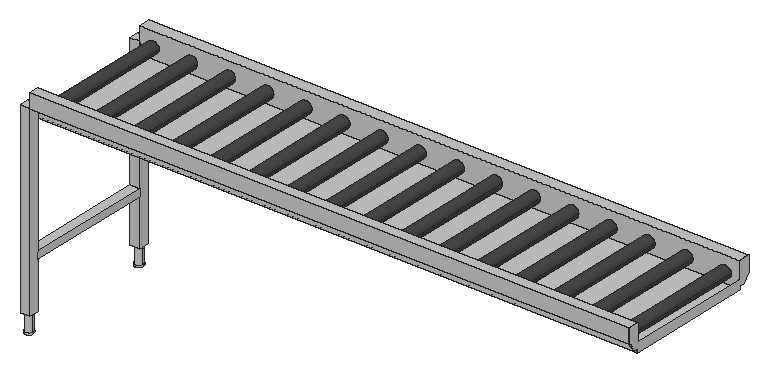
Revit family "QF_ELECTROLUXPROFESSIONAL_863037_HSLRC25", category Specialty Equipment, Revit 2018
Family settings
  Round Connector Dimension = Use Diameter
  Part Type = Normal
  Work Plane-Based = No
  Always vertical = Yes
  Cut with Voids When Loaded = No
  Shared = No
  Room Calculation Point = No
Parameters
  Weight = 0.00 kg
  Watts = 0 W
  Volts = 0 V
  URL Manufacturer = "http://professional.electrolux.com/"
  URL = "http://professional.electrolux.com/"
  Steam Supply Size = 0 mm
  Steam Supply Minimum Pressure = 0.0 Pa
  Steam Supply Maximum Pressure = 0.0 Pa
  Steam Pounds per Hour = 0
  Refrigeration Suction Line Size = 0 mm
  Refrigeration Liquid Line Size = 0 mm
  Refrigerant Compressor Remote = yes
  Manufacturer = "Electrolux"
  Phase = 0
  Model = "HSLRC25"
  Length Actual = 2500 mm  # constant formula
  Item Number = "863037"
  Hot Water Size = 0 mm
  Height Actual = 910 mm  # constant formula
  HP = "0 HP"
  Gas Size = 0 mm
  Gas KW = 0
  Gas Input Pressure = 0 W
  Description = "CONVEYOR, LONG ROLLERS, L=2500 MM"
  Depth Actual = 620 mm  # constant formula
  Cycle = 0 Hz
  Condensate Return Size = 0 mm
  Compressed Air Volume = 0.0 L/s
  Compressed Air Size = 0 mm
  Compressed Air Pressure = 0.0 Pa
  Cold Water Size = 0 mm
  Accessory = yes
Reference planes
  plane 1 "Centro (Fronte/Retro)": y = 74.737
  plane 2: z = 0
  plane 3 "LEFT": x = -1038.761
  plane 4 "BACK": y = 384.737
  plane 5 "FRONT": y = -235.263
  plane 6: z = 910
  plane 7 "RIGHT": x = 1461.239
  plane 8: x = 241.239
Forms (mm)
  Extrusion 1, solid, material "QF_Finishes_Stainless Steel"
    sketch origin (0, 74.737, 0) x (1, 0, 0) y (0, 0, 1)
      loop
        line (-1079.929, 300) -> (-1079.929, 270) -> (-1039.929, 270) -> (-1039.929, 300) -> (-1079.929, 300)
    from -266.504 to 266.46
  Extrusion 2, solid, material "QF_Finishes_Stainless Steel"
    sketch origin (11.239, 0, 0) x (0, 1, 0) y (0, 0, 1)
      loop
        line (-235.263, 910) -> (-235.263, 850.033) -> (-190.242, 850.033) -> (-190.242, 910) -> (-235.263, 910)
      loop
        line (384.737, 910) -> (339.716, 910) -> (339.716, 850.033) -> (384.737, 850.033) -> (384.737, 910)
    from -1050 to 1448.8
  Extrusion 3, solid, material "QF_Finishes_Stainless Steel"
    sketch origin (11.239, 0, 0) x (0, 1, 0) y (0, 0, 1)
      loop
        line (-191.727, 850.033) -> (-191.727, 800.081) -> (341.245, 800.081) -> (341.245, 850.033) -> (339.716, 850.033) -> (339.716, 803.081) -> (-190.242, 803.081) -> (-190.242, 850.033) -> (-191.727, 850.033)
    from -1050 to 1448.8
  Extrusion 4, solid, material "QF_Finishes_Black"
    sketch origin (0, 74.737, 0) x (1, 0, 0) y (0, 0, -1)
      loop
        circle (-980.637, -850.115) r 25
      loop
        circle (-821.72, -850.115) r 25
      loop
        circle (-662.804, -850.115) r 25
      loop
        circle (1403.115, -850.115) r 25
      loop
        circle (608.531, -850.115) r 25
      loop
        circle (767.448, -850.115) r 25
      loop
        circle (1085.282, -850.115) r 25
      loop
        circle (1244.198, -850.115) r 25
      loop
        circle (-503.887, -850.115) r 25
      loop
        circle (449.614, -850.115) r 25
      loop
        circle (290.697, -850.115) r 25
      loop
        circle (131.781, -850.115) r 25
      loop
        circle (-344.97, -850.115) r 25
      loop
        circle (-27.136, -850.115) r 25
      loop
        circle (-186.053, -850.115) r 25
      loop
        circle (926.365, -850.115) r 25
    from -260.534 to 260.534
  Extrusion 5, solid, material "QF_Finishes_Stainless Steel"
    sketch origin (2961.239, 723.253, 4000) x (0, 1, 0) y (0, 0, 1)
      loop
        line (-958.516, -3090) -> (-958.516, -3149.967) -> (-934.752, -3185.632) -> (-915.4, -3185.632) -> (-915.4, -3199.919) -> (-381.633, -3199.919) -> (-381.633, -3185.632) -> (-362.281, -3185.632) -> (-338.516, -3149.967) -> (-338.516, -3090) -> (-383.538, -3090) -> (-383.538, -3161.926) -> (-913.495, -3161.926) -> (-913.495, -3090) -> (-958.516, -3090)
    from -1500 to -1501.2
  Revolve 6, solid, material "QF_Finishes_Stainless Steel"
    sketch origin (211.04, 0, 0) x (0, 1, 0) y (0, 0, 1)
      loop
        line (74.737, 800.081) -> (12.53, 800.081) -> (12.319, 797.4) -> (12.319, 785.476) -> (17.293, 785.476) -> (17.293, 781.772)
        arc (17.293, 781.772) -> (20.266, 773.808) -> (27.77, 769.813) r 11.998
        line (27.77, 769.813) -> (74.737, 764.085) -> (74.737, 800.081)
      axis (74.737, 764.085) -> (74.737, 800.081)
    angle from 0 to 360
  Revolve 7, solid, material "QF_Finishes_Stainless Steel"
    sketch origin (241.04, -1524, 744.096) x (0, 0, 1) y (0, -1, 0)
      loop
        line (13.017, -1619.713) -> (30, -1619.713) -> (30, -1598.737) -> (0, -1598.737) -> (0, -1619.713) -> (2.434, -1622.253) -> (10.477, -1622.253) -> (13.017, -1619.713)
      axis (0, -1598.737) -> (30, -1598.737)
    angle from 0 to 360
Cuts and joins
  joined: Extrusion 2, Extrusion 3
Lines and regions (mm)
  Split face 1
    outline origin (1257.614, 339.716, 803.081) x (-1, 0, 0) y (0, -1, 0)
      loop
        circle (1047, 264.904) r 3.016
  Split face 2
    outline origin (1257.614, 339.716, 803.081) x (-1, 0, 0) y (0, -1, 0)
      loop
        circle (1047, 264.904) r 52.991
  Split face 3
    outline origin (1257.614, 339.716, 803.081) x (-1, 0, 0) y (0, -1, 0)
      loop
        circle (1047, 264.904) r 36.015
  Split face 4
    outline origin (1257.614, 339.716, 803.081) x (-1, 0, 0) y (0, -1, 0)
      loop
        circle (1047, 264.904) r 26.027
  Split face 5
    outline origin (1257.614, 339.716, 803.081) x (-1, 0, 0) y (0, -1, 0)
      loop
        circle (1047, 264.904) r 9.056
  Masking region 1
    outline origin (0, 0, 0) x (1, 0, 0) y (0, 1, 0)
      loop
        line (-1038.761, 384.737) -> (-1038.761, -235.263) -> (1461.239, -235.263) -> (1461.239, 384.737) -> (-1038.761, 384.737)
  symbolic lines
    curve 1: line (1461.239, 384.737, 0) -> (-1038.761, 384.737, 0)
    curve 2: line (-1038.761, 384.737, 0) -> (-1038.761, -235.263, 0)
    curve 3: line (-1038.761, 339.716, 0) -> (1461.239, 339.716, 0)
    curve 4: line (-1038.761, -235.263, 0) -> (1461.239, -235.263, 0)
    curve 5: line (1461.239, -235.263, 0) -> (1461.239, 384.737, 0)
    curve 6: line (1461.239, -190.242, 0) -> (-1038.761, -190.242, 0)
    curve 7: line (-955.637, 335.271, 0) -> (-1005.637, 335.271, 0)
    curve 8: line (-1005.637, 335.271, 0) -> (-1005.637, -185.797, 0)
    curve 9: line (-1005.637, -185.797, 0) -> (-955.637, -185.797, 0)
    curve 10: line (-955.637, -185.797, 0) -> (-955.637, 335.271, 0)
    curve 11: line (-796.72, 335.271, 0) -> (-846.72, 335.271, 0)
    curve 12: line (-846.72, 335.271, 0) -> (-846.72, -185.797, 0)
    curve 13: line (-846.72, -185.797, 0) -> (-796.72, -185.797, 0)
    curve 14: line (-796.72, -185.797, 0) -> (-796.72, 335.271, 0)
    curve 15: line (-637.804, 335.271, 0) -> (-687.804, 335.271, 0)
    curve 16: line (-687.804, 335.271, 0) -> (-687.804, -185.797, 0)
    curve 17: line (-687.804, -185.797, 0) -> (-637.804, -185.797, 0)
    curve 18: line (-637.804, -185.797, 0) -> (-637.804, 335.271, 0)
    curve 19: line (1428.115, 335.271, 0) -> (1378.115, 335.271, 0)
    curve 20: line (1378.115, 335.271, 0) -> (1378.115, -185.797, 0)
    curve 21: line (1378.115, -185.797, 0) -> (1428.115, -185.797, 0)
    curve 22: line (1428.115, -185.797, 0) -> (1428.115, 335.271, 0)
    curve 23: line (1461.239, 74.737, 0) -> (1431.239, 74.737, 0)
    curve 24: line (-1038.761, 74.737, 0) -> (-1008.761, 74.737, 0)
    curve 25: arc (210.596, 137.156, 0) -> (273.014, 74.737, 0) -> (210.596, 12.319, 0) r 62.418
    curve 26: arc (210.596, 12.319, 0) -> (148.177, 74.737, 0) -> (210.596, 137.156, 0) r 62.418
    curve 27: arc (240.596, 95.713, 0) -> (219.62, 74.737, 0) -> (240.596, 53.761, 0) r 20.976
    curve 28: arc (240.596, 53.761, 0) -> (261.572, 74.737, 0) -> (240.596, 95.713, 0) r 20.976
    curve 29: line (-478.887, 335.271, 0) -> (-528.887, 335.271, 0)
    curve 30: line (-528.887, 335.271, 0) -> (-528.887, -185.797, 0)
    curve 31: line (-528.887, -185.797, 0) -> (-478.887, -185.797, 0)
    curve 32: line (-478.887, -185.797, 0) -> (-478.887, 335.271, 0)
    curve 33: line (-319.97, 335.271, 0) -> (-369.97, 335.271, 0)
    curve 34: line (-369.97, 335.271, 0) -> (-369.97, -185.797, 0)
    curve 35: line (-369.97, -185.797, 0) -> (-319.97, -185.797, 0)
    curve 36: line (-319.97, -185.797, 0) -> (-319.97, 335.271, 0)
    curve 37: line (-161.053, 335.271, 0) -> (-211.053, 335.271, 0)
    curve 38: line (-211.053, 335.271, 0) -> (-211.053, -185.797, 0)
    curve 39: line (-211.053, -185.797, 0) -> (-161.053, -185.797, 0)
    curve 40: line (-161.053, -185.797, 0) -> (-161.053, 335.271, 0)
    curve 41: line (-2.136, 335.271, 0) -> (-52.136, 335.271, 0)
    curve 42: line (-52.136, 335.271, 0) -> (-52.136, -185.797, 0)
    curve 43: line (-52.136, -185.797, 0) -> (-2.136, -185.797, 0)
    curve 44: line (-2.136, -185.797, 0) -> (-2.136, 335.271, 0)
    curve 45: line (156.781, 335.271, 0) -> (106.781, 335.271, 0)
    curve 46: line (106.781, 335.271, 0) -> (106.781, -185.797, 0)
    curve 47: line (106.781, -185.797, 0) -> (156.781, -185.797, 0)
    curve 48: line (156.781, -185.797, 0) -> (156.781, 335.271, 0)
    curve 49: line (315.697, 335.271, 0) -> (265.697, 335.271, 0)
    curve 50: line (265.697, 335.271, 0) -> (265.697, -185.797, 0)
    curve 51: line (265.697, -185.797, 0) -> (315.697, -185.797, 0)
    curve 52: line (315.697, -185.797, 0) -> (315.697, 335.271, 0)
    curve 53: line (474.614, 335.271, 0) -> (424.614, 335.271, 0)
    curve 54: line (424.614, 335.271, 0) -> (424.614, -185.797, 0)
    curve 55: line (424.614, -185.797, 0) -> (474.614, -185.797, 0)
    curve 56: line (474.614, -185.797, 0) -> (474.614, 335.271, 0)
    curve 57: line (633.531, 335.271, 0) -> (583.531, 335.271, 0)
    curve 58: line (583.531, 335.271, 0) -> (583.531, -185.797, 0)
    curve 59: line (583.531, -185.797, 0) -> (633.531, -185.797, 0)
    curve 60: line (633.531, -185.797, 0) -> (633.531, 335.271, 0)
    curve 61: line (792.448, 335.271, 0) -> (742.448, 335.271, 0)
    curve 62: line (742.448, 335.271, 0) -> (742.448, -185.797, 0)
    curve 63: line (742.448, -185.797, 0) -> (792.448, -185.797, 0)
    curve 64: line (792.448, -185.797, 0) -> (792.448, 335.271, 0)
    curve 65: line (951.365, 335.271, 0) -> (901.365, 335.271, 0)
    curve 66: line (901.365, 335.271, 0) -> (901.365, -185.797, 0)
    curve 67: line (901.365, -185.797, 0) -> (951.365, -185.797, 0)
    curve 68: line (951.365, -185.797, 0) -> (951.365, 335.271, 0)
    curve 69: line (1110.282, 335.271, 0) -> (1060.282, 335.271, 0)
    curve 70: line (1060.282, 335.271, 0) -> (1060.282, -185.797, 0)
    curve 71: line (1060.282, -185.797, 0) -> (1110.282, -185.797, 0)
    curve 72: line (1110.282, -185.797, 0) -> (1110.282, 335.271, 0)
    curve 73: line (1269.198, 335.271, 0) -> (1219.198, 335.271, 0)
    curve 74: line (1219.198, 335.271, 0) -> (1219.198, -185.797, 0)
    curve 75: line (1219.198, -185.797, 0) -> (1269.198, -185.797, 0)
    curve 76: line (1269.198, -185.797, 0) -> (1269.198, 335.271, 0)
Dimensions and locks
  plane 3 "LEFT" to plane 7 "RIGHT" = 2500 mm
  equal spacing: plane 4 "BACK", plane 1 "Centro (Fronte/Retro)", plane 5 "FRONT"
  plane 4 "BACK" to plane 5 "FRONT" = 620 mm
  locked: Extrusion 4 sketch curve to plane 3 "LEFT" at 58.124
  locked: plane 7 "RIGHT" to Extrusion 4 sketch curve at 58.124
  equal spacing: Extrusion 4 sketch curve, Extrusion 4 sketch curve, Extrusion 4 sketch curve, Extrusion 4 sketch curve, Extrusion 4 sketch curve, Extrusion 4 sketch curve, Extrusion 4 sketch curve, Extrusion 4 sketch curve, Extrusion 4 sketch curve, Extrusion 4 sketch curve, Extrusion 4 sketch curve, Extrusion 4 sketch curve, Extrusion 4 sketch curve, Extrusion 4 sketch curve, Extrusion 4 sketch curve, Extrusion 4 sketch curve
  aligned and locked: level to plane 2
Automatic sketch dimensions
  Extrusion 1 sketch curve to plane 3 "LEFT" = 41.168 mm
  Extrusion 1 sketch curve to plane 3 "LEFT" = 1.168 mm
  level to Extrusion 1 sketch curve = 270 mm
  Extrusion 1 sketch curve to Extrusion 1 sketch curve = 30 mm
  Extrusion 2 sketch curve to plane 5 "FRONT" = 0 mm
  Extrusion 2 sketch curve to plane 6 = 0 mm  (x2)
  Extrusion 2 sketch curve to plane 4 "BACK" = 0 mm
  plane 5 "FRONT" to Extrusion 2 sketch curve = 45.021 mm
  Extrusion 2 sketch curve to plane 4 "BACK" = 45.021 mm
  Extrusion 2 sketch curve to Extrusion 2 sketch curve = 59.967 mm  (x2)
  plane 5 "FRONT" to Extrusion 3 sketch curve = 43.536 mm
  Extrusion 3 sketch curve to Extrusion 3 sketch curve = 1.486 mm
  Extrusion 3 sketch curve to plane 4 "BACK" = 45.021 mm
  Extrusion 3 sketch curve to Extrusion 3 sketch curve = 1.529 mm
  Extrusion 3 sketch curve to plane 6 = 109.919 mm
  Extrusion 3 sketch curve to Extrusion 3 sketch curve = 3 mm
  Extrusion 3 sketch curve to Extrusion 3 sketch curve = 46.952 mm  (x2)
  Split face 1 sketch curve to cut or joined group of Extrusion 2, Extrusion 3 = 1249.425 mm
  cut or joined group of Extrusion 2, Extrusion 3 to Split face 1 sketch curve = 264.904 mm
  Split face 2 sketch curve to cut or joined group of Extrusion 2, Extrusion 3 = 1249.425 mm
  cut or joined group of Extrusion 2, Extrusion 3 to Split face 2 sketch curve = 264.904 mm
  Split face 3 sketch curve to cut or joined group of Extrusion 2, Extrusion 3 = 1249.425 mm
  cut or joined group of Extrusion 2, Extrusion 3 to Split face 3 sketch curve = 264.904 mm
  Split face 4 sketch curve to cut or joined group of Extrusion 2, Extrusion 3 = 1249.425 mm
  cut or joined group of Extrusion 2, Extrusion 3 to Split face 4 sketch curve = 264.904 mm
  Split face 5 sketch curve to cut or joined group of Extrusion 2, Extrusion 3 = 1249.425 mm
  cut or joined group of Extrusion 2, Extrusion 3 to Split face 5 sketch curve = 264.904 mm
  Masking region 1 sketch curve to plane 3 "LEFT" = 0 mm
  Masking region 1 sketch curve to plane 5 "FRONT" = 0 mm
  Masking region 1 sketch curve to plane 7 "RIGHT" = 0 mm
  Masking region 1 sketch curve to plane 4 "BACK" = 0 mm
  Extrusion 5 sketch curve to plane 5 "FRONT" = 0 mm
  Extrusion 5 sketch curve to plane 6 = 0 mm  (x2)
  Extrusion 5 sketch curve to plane 4 "BACK" = 0 mm
  plane 5 "FRONT" to Extrusion 5 sketch curve = 23.764 mm
  Extrusion 5 sketch curve to Extrusion 5 sketch curve = 19.352 mm  (x2)
  plane 5 "FRONT" to Extrusion 5 sketch curve = 45.021 mm
  Extrusion 5 sketch curve to plane 4 "BACK" = 45.021 mm
  Extrusion 5 sketch curve to Extrusion 5 sketch curve = 1.905 mm
  Extrusion 5 sketch curve to Extrusion 5 sketch curve = 59.967 mm  (x2)
  Extrusion 5 sketch curve to Extrusion 5 sketch curve = 11.959 mm
  Extrusion 5 sketch curve to Extrusion 5 sketch curve = 23.706 mm  (x2)
  Extrusion 5 sketch curve to Extrusion 5 sketch curve = 14.287 mm
  Revolve 6 sketch curve to plane 1 "Centro (Fronte/Retro)" = 0 mm  (x2)
  plane 1 "Centro (Fronte/Retro)" to Revolve 6 sketch curve = 45.447 mm
  Revolve 6 sketch curve to Revolve 6 sketch curve = 1.52 mm
  Revolve 6 sketch curve to Revolve 6 sketch curve = 11.998 mm
  Revolve 6 sketch curve to Revolve 6 sketch curve = 4.762 mm
  Revolve 6 sketch curve to Revolve 6 sketch curve = 4.974 mm
  Revolve 6 sketch curve to plane 6 = 145.915 mm
  Revolve 6 sketch curve to Revolve 6 sketch curve = 5.727 mm
  Revolve 6 sketch curve to Revolve 6 sketch curve = 11.901 mm
  Revolve 6 sketch curve to Revolve 6 sketch curve = 3.704 mm
  Revolve 6 sketch curve to Revolve 6 sketch curve = 11.924 mm
  Revolve 6 sketch curve to Revolve 6 sketch curve = 2.681 mm
  Revolve 6 sketch curve to Revolve 6 sketch curve = 3 mm
  Revolve 6 sketch curve to Revolve 6 sketch curve = 14.991 mm
  Revolve 7 sketch curve to plane 1 "Centro (Fronte/Retro)" = 0 mm  (x2)
  Revolve 7 sketch curve to plane 1 "Centro (Fronte/Retro)" = 20.976 mm
  Revolve 7 sketch curve to plane 6 = 165.904 mm
  Revolve 7 sketch curve to plane 1 "Centro (Fronte/Retro)" = 23.516 mm
  Revolve 7 sketch curve to Revolve 7 sketch curve = 2.434 mm
  Revolve 7 sketch curve to Revolve 7 sketch curve = 8.043 mm
  Revolve 7 sketch curve to Revolve 7 sketch curve = 2.54 mm  (x2)
  Revolve 7 sketch curve to Revolve 7 sketch curve = 16.983 mm
  Revolve 7 sketch curve to Revolve 7 sketch curve = 3.127 mm
  Revolve 7 sketch curve to Revolve 7 sketch curve = 7.343 mm
  Extrusion 4 sketch curve to plane 6 = 59.885 mm  (x16)
  curve 25 to curve 26 = 0 mm  (x2)
  curve 27 to curve 28 = 0 mm  (x2)
  curve 4 to plane 3 "LEFT" = 0 mm
  plane 1 "Centro (Fronte/Retro)" to curve 24 = 0 mm
  plane 1 "Centro (Fronte/Retro)" to curve 26 = 0 mm
  plane 1 "Centro (Fronte/Retro)" to curve 28 = 0 mm
  plane 1 "Centro (Fronte/Retro)" to curve 23 = 0 mm
  curve 6 to plane 7 "RIGHT" = 0 mm
  plane 5 "FRONT" to curve 4 = 0 mm
  curve 2 to plane 4 "BACK" = 0 mm
  plane 3 "LEFT" to curve 8 = 33.124 mm
  curve 8 to curve 9 = 50 mm
  plane 5 "FRONT" to curve 12 = 49.466 mm
  curve 9 to curve 12 = 108.917 mm
  curve 11 to curve 11 = 50 mm
  curve 16 to plane 4 "BACK" = 49.466 mm
  curve 11 to curve 16 = 108.917 mm
  curve 16 to curve 18 = 50 mm
  curve 30 to plane 4 "BACK" = 49.466 mm
  curve 15 to curve 30 = 108.917 mm
  curve 29 to curve 29 = 50 mm
  curve 33 to plane 4 "BACK" = 49.466 mm
  curve 29 to curve 33 = 108.917 mm
  curve 34 to curve 35 = 50 mm
  plane 5 "FRONT" to curve 38 = 49.466 mm
  curve 35 to curve 38 = 108.917 mm
  curve 37 to curve 37 = 50 mm
  plane 5 "FRONT" to curve 43 = 49.466 mm
  curve 39 to curve 43 = 108.917 mm
  curve 41 to curve 44 = 50 mm
  plane 5 "FRONT" to curve 47 = 49.466 mm
  curve 43 to curve 47 = 108.917 mm
  curve 46 to curve 47 = 50 mm
  curve 26 to plane 8 = 30.643 mm
  curve 28 to plane 8 = 0.643 mm
  plane 8 to curve 50 = 24.458 mm
  curve 49 to curve 52 = 50 mm
  plane 5 "FRONT" to curve 54 = 49.466 mm
  curve 51 to curve 54 = 108.917 mm
  curve 54 to curve 56 = 50 mm
  curve 58 to plane 4 "BACK" = 49.466 mm
  curve 53 to curve 58 = 108.917 mm
  curve 58 to curve 60 = 50 mm
  plane 5 "FRONT" to curve 63 = 49.466 mm
  curve 59 to curve 63 = 108.917 mm
  curve 61 to curve 64 = 50 mm
  curve 65 to plane 4 "BACK" = 49.466 mm
  curve 61 to curve 65 = 108.917 mm
  curve 65 to curve 68 = 50 mm
  curve 69 to plane 4 "BACK" = 49.466 mm
  curve 65 to curve 69 = 108.917 mm
  curve 69 to curve 69 = 50 mm
  curve 73 to plane 4 "BACK" = 49.466 mm
  curve 69 to curve 73 = 108.917 mm
  curve 73 to curve 73 = 50 mm
  curve 20 to plane 7 "RIGHT" = 83.124 mm
  curve 21 to plane 7 "RIGHT" = 33.124 mm
  plane 5 "FRONT" to curve 75 = 49.466 mm
  plane 5 "FRONT" to curve 71 = 49.466 mm
  plane 5 "FRONT" to curve 35 = 49.466 mm
  plane 5 "FRONT" to curve 68 = 49.466 mm
  plane 5 "FRONT" to curve 8 = 49.466 mm
  plane 5 "FRONT" to curve 60 = 49.466 mm
  plane 5 "FRONT" to curve 16 = 49.466 mm
  plane 5 "FRONT" to curve 20 = 49.466 mm
  plane 5 "FRONT" to curve 52 = 49.466 mm
  plane 5 "FRONT" to curve 30 = 49.466 mm
  curve 42 to plane 4 "BACK" = 49.466 mm
  curve 37 to plane 4 "BACK" = 49.466 mm
  curve 45 to plane 4 "BACK" = 49.466 mm
  curve 49 to plane 4 "BACK" = 49.466 mm
  curve 53 to plane 4 "BACK" = 49.466 mm
  curve 22 to plane 4 "BACK" = 49.466 mm
  curve 61 to plane 4 "BACK" = 49.466 mm
  curve 14 to plane 4 "BACK" = 49.466 mm
  curve 10 to plane 4 "BACK" = 49.466 mm
  curve 24 to curve 24 = 30 mm
  curve 23 to plane 7 "RIGHT" = 30 mm
  curve 6 to curve 21 = 4.445 mm
  curve 25 to curve 25 = 62.418 mm
  curve 28 to curve 27 = 20.976 mm
  curve 19 to curve 3 = 4.445 mm
  radius of Split face 1 sketch curve = 3.016 mm
  radius of Split face 2 sketch curve = 52.991 mm
  radius of Split face 3 sketch curve = 36.015 mm
  radius of Split face 4 sketch curve = 26.027 mm
  radius of Split face 5 sketch curve = 9.056 mm
  radius of Extrusion 4 sketch curve = 25 mm  (x16)
Nested families
  nested 1: "Foot_40x40" at (-1059.929, 361.245, 0), type "Foot_40x40"
    with A 850.033 mm
  nested 2: "Foot_40x40" at (-1059.929, -211.771, 0), type "Foot_40x40"
    with A 850.033 mm
  nested 3: "Foot_40x40" at (-1059.929, 361.288, 0), type "Foot_40x40"
    with A 850.033 mm
Connectors
  piping at (241.04, 74.737, 744.096), diameter 30
    settings: on Revolve 7, index 4, connector inside diameter 609.6 mm, connector length 0 mm, flow factor 0, pipe flow 0.0 L/s, pressure drop 0.0 Pa, fitting loss kfactor 0, connector angle 0.00°, fixture units 0, engagement length 0 mm, angle of deflection 0.00°, flow configuration 1, flow direction 2, fitting loss method 0, system type 16, joint type 0, gender type 0, connector reference index -1, connector utility 0, adjustable connector no, is connector primary yes, connector description "Drain"
Definition of nested family "Foot_40x40"
  Parameters
    A [instance] = 850 mm
  Reference planes
    plane 1 "Centro (Fronte/Retro)": y = 0
    plane 2: z = 0
    plane 3 "Centro (Sinistra/Destra)": x = 0
    plane 4: z = 850
  Forms (mm)
    Extrusion 1, solid
      sketch origin (0, 0, 0) x (1, 0, 0) y (0, 1, 0)
        loop
          circle (0, 0) r 18
      from 0 to 5
    Extrusion 2, solid
      sketch origin (0, 0, 5) x (1, 0, 0) y (0, 1, 0)
        loop
          circle (0, 0) r 15
      from 0 to 70
    Extrusion 3, solid
      sketch origin (0, 0, 75) x (1, 0, 0) y (0, 1, 0)
        loop
          line (-20, 20) -> (-20, -20) -> (20, -20) -> (20, 20) -> (-20, 20)
      from 0 to 775
  Dimensions and locks
    "A": plane 4 to plane 2
    aligned and locked: level to plane 2
    aligned and locked: plane 4 to Extrusion 3
    aligned and locked: Extrusion 1 to level
  Automatic sketch dimensions
    plane 1 "Centro (Fronte/Retro)" to Extrusion 1 sketch curve = 0 mm
    Extrusion 1 sketch curve to plane 3 "Centro (Sinistra/Destra)" = 0 mm
    Extrusion 3 sketch curve to Extrusion 3 sketch curve = 40 mm  (x2)
    radius of Extrusion 1 sketch curve = 18 mm
    radius of Extrusion 2 sketch curve to Extrusion 1 = 3 mm
